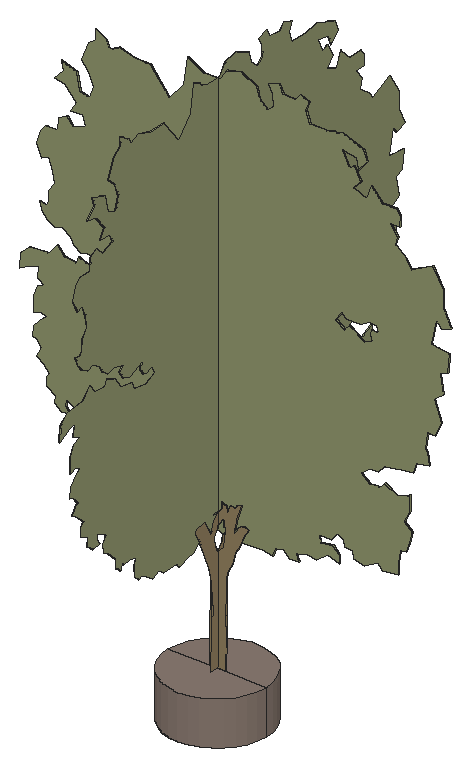
Revit family "L-PL낙엽관목_보리수나무", category 수목, Revit 2019
Family settings
  OmniClass 번호 = 23.40.05.00
  OmniClass 제목 = Plants and Planting Products
  작업 기준면 기반 = 아니오
  항상 수직 = 예
  로드될 때 보이드를 사용하여 절단 = 아니오
  렌더 모양 소스 = 패밀리 형상
  공유 = 아니오
Parameters (values of type "보리수나무")
  한국산업규격KS = ""
  콘 높이 = 뿌리분 직경 / 4  # 272.5 mm
  조달청표준공사코드-세부공종 = "10161599202809"
  뿌리분 직경 = (24 mm + ((R / 10) - 3 mm) * 5) * 10  # 1090 mm
  뿌리분 높이 = 뿌리분 직경 / 2  # 545 mm
  높이 = 2000 mm
  건설정보분류체계-부위분류 = "E985"
  R = 200 mm
  LIM_INFO_주의사항 = "재배포, 재가공, 판매 금지"
  LIM_INFO_제작일 = "20211210"
  LIM_INFO_버전 = "2022_V01"
  LIM_INFO_PL_학명 = "Quercus myrsinaefolia Bl."
  LIM_INFO_PL_품명 = "가시나무"
  LIM_INFO_PL_주당인정수량 = 0
  LIM_INFO_PL_수목단위 = "주"
  LIM_INFO_PL_규격 = "5.0H X 18R"
  LIM_INFO_PL_구분 = "상록교목"
  LIM_INFO_PL_가격 = 0
  LIM_INFO_PL_Qty [instance] = 0
  LIM_INFO_PL_M2당수량 = 0
  KBIMS_식별-버전 = ""
  KBIMS_식별-bSK등록번호 = ""
  KBIMS_보급정보-저작자 = "림인포테크_MMJ"
  KBIMS_보급정보-보급코드 = ""
  H = 높이  # 2000 mm
Reference planes
  plane 1 "중심(앞/뒤)": y = 0
  plane 2: z = 0
  plane 3 "중심(왼쪽/오른쪽)": x = 0
  plane 4: x = 482.5
  plane 5: x = -607.5
  plane 6: z = -545
  plane 7: z = -817.5
  plane 8: z = 2000
  plane 9: x = -100
  plane 10: x = 100
Forms (mm)
  Revolve 1, solid, material "흙"
    sketch origin (0, 0, 0) x (1, 0, 0) y (0, 0, 1)
      loop
        line (0, 0) -> (-607.5, 0) -> (-607.5, -545) -> (0, -545) -> (0, 0)
      axis (0, 0) -> (0, -545)
    angle from 0 to 360
  Revolve 2, solid, material "흙"
    sketch origin (0, 0, 0) x (1, 0, 0) y (0, 0, 1)
      loop
        line (0, -545) -> (-607.5, -545) -> (0, -817.5) -> (0, -545)
      axis (0, -545) -> (0, -817.5)
    angle from 0 to 360
Dimensions and locks
  "뿌리분 직경": plane 4 to plane 5
  "뿌리분 높이": plane 6 to level
  "콘 높이": plane 7 to plane 6
  "H": level to plane 8
  "R": plane 9 to plane 10
  aligned and locked: level to plane 2
Automatic sketch dimensions
  Revolve 1 sketch curve to level = 0 mm  (x2)
  Revolve 1 sketch curve to plane 5 = 0 mm
  Revolve 1 sketch curve to plane 3 "중심(왼쪽/오른쪽)" = 0 mm  (x2)
  Revolve 1 sketch curve to plane 6 = 0 mm  (x2)
  Revolve 2 sketch curve to plane 5 = 0 mm
  Revolve 2 sketch curve to plane 3 "중심(왼쪽/오른쪽)" = 0 mm  (x2)
  Revolve 2 sketch curve to plane 7 = 0 mm  (x2)
  Revolve 2 sketch curve to plane 6 = 0 mm  (x2)
Nested families
  nested 1: "보리수나무_base" at (0, 10.55, 0), type "보리수나무_base"
Definition of nested family "보리수나무_base"
  Parameters (values of type "보리수나무_base")
    Height = 6000 mm
  Reference planes
    plane 1 "중심(앞/뒤)": y = 0
    plane 2: z = 0
    plane 3 "중심(왼쪽/오른쪽)": x = 0
  Forms (mm)
    Extrusion 1, solid, detail levels fine
      sketch origin (0, 0, 0) x (1, 0, 0) y (0, 0, 1)
        loop
          line (-840.287, 1428.066) -> (-641.941, 1428.066) -> (-580.918, 1372.782) -> (-468.408, 1428.066) -> (-382.595, 1429.972) -> (-287.92, 1514.192) -> (-356.381, 1667.133) -> (-288.237, 1686.797) -> (-213.228, 1690.144) -> (-195.407, 1702.021) -> (-114.719, 1536.039) -> (-67.484, 1658.61) -> (51.047, 1777.104) -> (47.617, 1858.274) -> (116.883, 1844.425) -> (125.903, 1793.024) -> (159.62, 1852.946) -> (219.438, 1849.684) -> (243.771, 1888.817) -> (309.291, 1911.086) -> (246.484, 1725.009) -> (227.566, 1633.108) -> (214.27, 1596.14) -> (216.339, 1582.486) -> (256.423, 1645.142) -> (294.24, 1673.607) -> (343.61, 1682.21) -> (389.503, 1654.39) -> (326.539, 1553.392) -> (302.536, 1491.83) -> (554.163, 1502.862) -> (683.059, 1479.738) -> (721.32, 1577.339) -> (812.355, 1591.847) -> (886.238, 1524.582) -> (1006.299, 1529.858) -> (977.273, 1610.312) -> (1109.208, 1645.923) -> (1225.311, 1628.777) -> (1361.022, 1727.571) -> (1503.864, 1687.672) -> (1503.864, 1782.17) -> (1426.141, 1857.768) -> (1268.594, 1836.769) -> (1258.091, 1916.567) -> (1409.336, 1910.267) -> (1480.757, 2006.865) -> (1562.682, 1966.966) -> (1564.782, 1893.467) -> (1671.914, 1887.167) -> (1680.317, 1796.869) -> (1823.159, 1775.87) -> (1978.605, 1861.968) -> (2035.322, 1792.669) -> (2239.083, 1824.169) -> (2232.781, 1941.766) -> (2262.19, 2092.963) -> (2331.51, 2101.363) -> (2373.523, 2212.66) -> (2409.233, 2347.057) -> (2310.504, 2435.255) -> (2377.724, 2559.152) -> (2377.724, 2750.248) -> (2220.177, 2685.15) -> (2066.832, 2771.248) -> (2029.02, 2716.649) -> (1884.077, 2704.049) -> (1779.046, 2788.047) -> (1873.574, 2865.745) -> (1989.108, 2865.745) -> (2066.589, 2953.167) -> (2275.72, 2994.98) -> (2422.111, 3007.524) -> (2461.846, 3120.418) -> (2618.694, 3158.049) -> (2597.781, 3302.303) -> (2572.685, 3327.391) -> (2601.963, 3513.457) -> (2696.072, 3517.639) -> (2769.267, 3689.071) -> (2680.677, 3921.041) -> (2790.436, 4000.84) -> (2757.176, 4226.937) -> (2846.978, 4263.511) -> (2866.934, 4486.283) -> (2720.589, 4496.257) -> (2640.765, 4516.207) -> (2703.959, 4792.178) -> (2763.828, 4725.679) -> (2886.89, 4772.228) -> (2790.436, 4968.4) -> (2790.436, 5167.897) -> (2660.721, 5390.668) -> (2398.172, 5255.711) -> (2331.322, 5347.855) -> (2196.428, 5452.214) -> (2230.017, 5556.483) -> (2139.843, 5673.924) -> (2256.101, 5677.731) -> (2260.213, 5804.638) -> (2214.877, 5866.316) -> (2035.242, 5859.221) -> (1901.626, 6002.612) -> (1843.524, 5838.577) -> (1679, 5902.416) -> (1772.407, 6005.983) -> (1693.682, 6151.9) -> (1627.254, 6106.914) -> (1546.743, 6277.204) -> (1712.906, 6247.093) -> (1748.671, 6132.431) -> (1848.948, 6256.681) -> (1808.705, 6375.294) -> (1539.823, 6467.955) -> (1370.666, 6428.262) -> (1141.416, 6427.128) -> (1093.781, 6564.037) -> (1137.447, 6661.263) -> (1028.281, 6702.931) -> (968.736, 6627.531) -> (809.95, 6639.436) -> (762.314, 6732.694) -> (635.285, 6689.041) -> (684.906, 6595.784) -> (690.86, 6456.891) -> (617.421, 6395.38) -> (514.21, 6480.701) -> (485.012, 6603.237) -> (289, 6698.7) -> (118.117, 6658.505) -> (32.675, 6532.896) -> (-168.363, 6527.872) -> (-364.376, 6638.408) -> (-414.635, 6316.849) -> (-595.57, 6100.802) -> (-826.764, 6392.214) -> (-1025.11, 6392.214) -> (-1215.417, 6443.669) -> (-1339.215, 6387.87) -> (-1376.76, 6466.886) -> (-1511.129, 6541.95) -> (-1501.249, 6425.402) -> (-1593.044, 6357.044) -> (-1684.934, 6142.69) -> (-1587.943, 6042.603) -> (-1531.626, 5898.728) -> (-1578.557, 5757.98) -> (-1700.577, 5795.513) -> (-1738.122, 5989.432) -> (-1932.103, 6048.858) -> (-1900.815, 5945.643) -> (-2010.321, 5829.918) -> (-1885.172, 5808.024) -> (-1747.508, 5639.127) -> (-1810.082, 5535.912) -> (-1668.691, 5533.806) -> (-1624.986, 5427.7) -> (-1781.075, 5365.285) -> (-1862.241, 5458.908) -> (-1965.259, 5399.613) -> (-1977.746, 5259.178) -> (-2124.47, 5252.937) -> (-2186.905, 5184.28) -> (-2233.732, 5031.362) -> (-2168.175, 4890.927) -> (-2093.252, 4925.255) -> (-2040.182, 4791.062) -> (-2018.715, 4655.585) -> (-2090.356, 4546.6) -> (-2093.471, 4431.388) -> (-2118.389, 4384.681) -> (-2196.26, 4397.136) -> (-2161.997, 4294.379) -> (-2102.815, 4219.647) -> (-2012.485, 4179.167) -> (-1931.686, 4208.684) -> (-1816.82, 4134.201) -> (-1779.567, 4056.614) -> (-1692.642, 4003.855) -> (-1602.612, 4025.58) -> (-1456.702, 3997.648) -> (-1515.687, 3938.682) -> (-1453.598, 3854.888) -> (-1351.15, 3820.75) -> (-1180.405, 3907.648) -> (-1192.823, 3820.75) -> (-1149.36, 3764.888) -> (-1090.375, 3743.163) -> (-1015.868, 3795.922) -> (-966.196, 3693.508) -> (-1102.793, 3634.542) -> (-1292.165, 3659.37) -> (-1329.419, 3740.06) -> (-1497.06, 3767.991) -> (-1587.09, 3898.337) -> (-1714.373, 3947.993) -> (-1745.418, 3876.613) -> (-1894.432, 3892.13) -> (-1977.567, 3991.108) -> (-2076.348, 3867.188) -> (-2316.519, 3845.889) -> (-2430.795, 3747.14) -> (-2444.353, 3570.941) -> (-2306.835, 3646.455) -> (-2206.401, 3667.424) -> (-2227.635, 3534.267) -> (-2131.114, 3482.163) -> (-2217.983, 3447.426) -> (-2275.896, 3325.849) -> (-2272.035, 3150.237) -> (-2185.166, 3175.324) -> (-2117.601, 3148.307) -> (-2189.073, 3084.876) -> (-2270.972, 2987.352) -> (-2279.402, 2876.584) -> (-2234.84, 2864.544) -> (-2168.599, 2782.672) -> (-2240.862, 2668.292) -> (-2154.146, 2609.296) -> (-2072.248, 2525.016) -> (-2113.197, 2479.264) -> (-2115.606, 2378.128) -> (-2000.313, 2315.609) -> (-2011.08, 2225.909) -> (-1923.745, 2158.934) -> (-1825.642, 2176.874) -> (-1872.3, 2245.045) -> (-1865.122, 2309.629) -> (-1763.43, 2264.181) -> (-1726.342, 2216.341) -> (-1775.394, 2144.582) -> (-1753.859, 2040.53) -> (-1688.882, 2001.876) -> (-1574.465, 1891.308) -> (-1572.558, 1794.084) -> (-1494.373, 1734.987) -> (-1479.117, 1809.335) -> (-1448.606, 1775.02) -> (-1360.886, 1794.084) -> (-1259.817, 1771.208) -> (-1284.607, 1689.235) -> (-1278.887, 1574.854) -> (-1219.771, 1510.038) -> (-1170.19, 1534.821) -> (-1093.912, 1485.256) -> (-998.564, 1431.878) -> (-910.844, 1473.818) -> (-840.287, 1428.066)
        loop
          line (1629.05, 4366.346) -> (1815.84, 4252.027) -> (1917.735, 4282.587) -> (1896.57, 4353.156) -> (1907.819, 4411.46) -> (1988.567, 4395.882) -> (1960.268, 4477.6) -> (1877.084, 4497.44) -> (1767.718, 4428.389) -> (1595.036, 4428.389) -> (1535.44, 4471.339) -> (1464.953, 4373.533) -> (1576.364, 4293.241) -> (1629.05, 4366.346)
        loop
          line (13.417, 1588.573) -> (-5.55, 1544.556) -> (84.344, 1509.012) -> (69.142, 1662.25) -> (13.417, 1588.573)
      from 0 to 5
    Extrusion 2, solid, detail levels fine
      sketch origin (0, 0, 0) x (1, 0, 0) y (0, 0, 1)
        loop
          line (-119.022, 1127.374) -> (-85.087, 969.218) -> (-82.397, 780.348) -> (-93.114, 445.738) -> (-100, 0) -> (100, 0) -> (107.942, 371.954) -> (105.173, 621.977) -> (107.635, 868.144) -> (110.744, 1035.757) -> (135.328, 1124.505) -> (185.179, 1207.792) -> (218.402, 1348.841) -> (247.833, 1390.201) -> (279.823, 1447.338) -> (322.049, 1555.642) -> (382.582, 1652.739) -> (342.621, 1676.962) -> (296.284, 1668.888) -> (260.15, 1641.689) -> (213.388, 1568.594) -> (209.137, 1596.642) -> (222.74, 1634.465) -> (241.649, 1726.317) -> (301.316, 1903.095) -> (247.073, 1884.658) -> (222.121, 1844.531) -> (162.453, 1847.784) -> (123.398, 1778.375) -> (112.549, 1840.192) -> (52.881, 1852.122) -> (56.136, 1775.121) -> (-63.2, 1655.823) -> (-114.189, 1523.512) -> (-197.4, 1694.684) -> (-211.614, 1685.211) -> (-287.421, 1681.828) -> (-349.467, 1663.924) -> (-283.357, 1516.235) -> (-209.832, 1358.873) -> (-119.022, 1127.374)
        loop
          line (-53.356, 1462.191) -> (-49.926, 1370.305) -> (-17.001, 1298.99) -> (11.122, 1285.961) -> (33.758, 1320.247) -> (75.6, 1361.391) -> (81.774, 1458.077) -> (89.319, 1509.506) -> (72.857, 1675.45) -> (9.064, 1591.107) -> (-10.142, 1546.535) -> (-53.356, 1462.191)
      from 0 to 5
    Extrusion 3, solid, detail levels fine
      sketch origin (-5, -5, 0) x (0, 1, 0) y (0, 0, 1)
        loop
          line (-840.287, 1428.066) -> (-641.941, 1428.066) -> (-580.918, 1372.782) -> (-468.408, 1428.066) -> (-382.595, 1429.972) -> (-287.92, 1514.192) -> (-356.381, 1667.133) -> (-288.237, 1686.797) -> (-213.228, 1690.144) -> (-195.407, 1702.021) -> (-114.719, 1536.039) -> (-67.484, 1658.61) -> (51.047, 1777.104) -> (47.617, 1858.274) -> (116.883, 1844.425) -> (125.903, 1793.024) -> (159.62, 1852.946) -> (219.438, 1849.684) -> (243.771, 1888.817) -> (309.291, 1911.086) -> (246.484, 1725.009) -> (227.566, 1633.108) -> (214.27, 1596.14) -> (216.339, 1582.486) -> (256.423, 1645.142) -> (294.24, 1673.607) -> (343.61, 1682.21) -> (389.503, 1654.39) -> (326.539, 1553.392) -> (302.536, 1491.83) -> (554.163, 1502.862) -> (683.059, 1479.738) -> (721.32, 1577.339) -> (812.355, 1591.847) -> (886.238, 1524.582) -> (1006.299, 1529.858) -> (977.273, 1610.312) -> (1109.208, 1645.923) -> (1225.311, 1628.777) -> (1361.022, 1727.571) -> (1503.864, 1687.672) -> (1503.864, 1782.17) -> (1426.141, 1857.768) -> (1268.594, 1836.769) -> (1258.091, 1916.567) -> (1409.336, 1910.267) -> (1480.757, 2006.865) -> (1562.682, 1966.966) -> (1564.782, 1893.467) -> (1671.914, 1887.167) -> (1680.317, 1796.869) -> (1823.159, 1775.87) -> (1978.605, 1861.968) -> (2035.322, 1792.669) -> (2239.083, 1824.169) -> (2232.781, 1941.766) -> (2262.19, 2092.963) -> (2331.51, 2101.363) -> (2373.523, 2212.66) -> (2409.233, 2347.057) -> (2310.504, 2435.255) -> (2377.724, 2559.152) -> (2377.724, 2750.248) -> (2220.177, 2685.15) -> (2066.832, 2771.248) -> (2029.02, 2716.649) -> (1884.077, 2704.049) -> (1779.046, 2788.047) -> (1873.574, 2865.745) -> (1989.108, 2865.745) -> (2066.589, 2953.167) -> (2275.72, 2994.98) -> (2422.111, 3007.524) -> (2461.846, 3120.418) -> (2618.694, 3158.049) -> (2597.781, 3302.303) -> (2572.685, 3327.391) -> (2601.963, 3513.457) -> (2696.072, 3517.639) -> (2769.267, 3689.071) -> (2680.677, 3921.041) -> (2790.436, 4000.84) -> (2757.176, 4226.937) -> (2846.978, 4263.511) -> (2866.934, 4486.283) -> (2720.589, 4496.257) -> (2640.765, 4516.207) -> (2703.959, 4792.178) -> (2763.828, 4725.679) -> (2886.89, 4772.228) -> (2790.436, 4968.4) -> (2790.436, 5167.897) -> (2660.721, 5390.668) -> (2398.172, 5255.711) -> (2331.322, 5347.855) -> (2196.428, 5452.214) -> (2230.017, 5556.483) -> (2139.843, 5673.924) -> (2256.101, 5677.731) -> (2260.213, 5804.638) -> (2214.877, 5866.316) -> (2035.242, 5859.221) -> (1901.626, 6002.612) -> (1843.524, 5838.577) -> (1679, 5902.416) -> (1772.407, 6005.983) -> (1693.682, 6151.9) -> (1627.254, 6106.914) -> (1546.743, 6277.204) -> (1712.906, 6247.093) -> (1748.671, 6132.431) -> (1848.948, 6256.681) -> (1808.705, 6375.294) -> (1539.823, 6467.955) -> (1370.666, 6428.262) -> (1141.416, 6427.128) -> (1093.781, 6564.037) -> (1137.447, 6661.263) -> (1028.281, 6702.931) -> (968.736, 6627.531) -> (809.95, 6639.436) -> (762.314, 6732.694) -> (635.285, 6689.041) -> (684.906, 6595.784) -> (690.86, 6456.891) -> (617.421, 6395.38) -> (514.21, 6480.701) -> (485.012, 6603.237) -> (289, 6698.7) -> (118.117, 6658.505) -> (32.675, 6532.896) -> (-168.363, 6527.872) -> (-364.376, 6638.408) -> (-414.635, 6316.849) -> (-595.57, 6100.802) -> (-826.764, 6392.214) -> (-1025.11, 6392.214) -> (-1215.417, 6443.669) -> (-1339.215, 6387.87) -> (-1376.76, 6466.886) -> (-1511.129, 6541.95) -> (-1501.249, 6425.402) -> (-1593.044, 6357.044) -> (-1684.934, 6142.69) -> (-1587.943, 6042.603) -> (-1531.626, 5898.728) -> (-1578.557, 5757.98) -> (-1700.577, 5795.513) -> (-1738.122, 5989.432) -> (-1932.103, 6048.858) -> (-1900.815, 5945.643) -> (-2010.321, 5829.918) -> (-1885.172, 5808.024) -> (-1747.508, 5639.127) -> (-1810.082, 5535.912) -> (-1668.691, 5533.806) -> (-1624.986, 5427.7) -> (-1781.075, 5365.285) -> (-1862.241, 5458.908) -> (-1965.259, 5399.613) -> (-1977.746, 5259.178) -> (-2124.47, 5252.937) -> (-2186.905, 5184.28) -> (-2233.732, 5031.362) -> (-2168.175, 4890.927) -> (-2093.252, 4925.255) -> (-2040.182, 4791.062) -> (-2018.715, 4655.585) -> (-2090.356, 4546.6) -> (-2093.471, 4431.388) -> (-2118.389, 4384.681) -> (-2196.26, 4397.136) -> (-2161.997, 4294.379) -> (-2102.815, 4219.647) -> (-2012.485, 4179.167) -> (-1931.686, 4208.684) -> (-1816.82, 4134.201) -> (-1779.567, 4056.614) -> (-1692.642, 4003.855) -> (-1602.612, 4025.58) -> (-1456.702, 3997.648) -> (-1515.687, 3938.682) -> (-1453.598, 3854.888) -> (-1351.15, 3820.75) -> (-1180.405, 3907.648) -> (-1192.823, 3820.75) -> (-1149.36, 3764.888) -> (-1090.375, 3743.163) -> (-1015.868, 3795.922) -> (-966.196, 3693.508) -> (-1102.793, 3634.542) -> (-1292.165, 3659.37) -> (-1329.419, 3740.06) -> (-1497.06, 3767.991) -> (-1587.09, 3898.337) -> (-1714.373, 3947.993) -> (-1745.418, 3876.613) -> (-1894.432, 3892.13) -> (-1977.567, 3991.108) -> (-2076.348, 3867.188) -> (-2316.519, 3845.889) -> (-2430.795, 3747.14) -> (-2444.353, 3570.941) -> (-2306.835, 3646.455) -> (-2206.401, 3667.424) -> (-2227.635, 3534.267) -> (-2131.114, 3482.163) -> (-2217.983, 3447.426) -> (-2275.896, 3325.849) -> (-2272.035, 3150.237) -> (-2185.166, 3175.324) -> (-2117.601, 3148.307) -> (-2189.073, 3084.876) -> (-2270.972, 2987.352) -> (-2279.402, 2876.584) -> (-2234.84, 2864.544) -> (-2168.599, 2782.672) -> (-2240.862, 2668.292) -> (-2154.146, 2609.296) -> (-2072.248, 2525.016) -> (-2113.197, 2479.264) -> (-2115.606, 2378.128) -> (-2000.313, 2315.609) -> (-2011.08, 2225.909) -> (-1923.745, 2158.934) -> (-1825.642, 2176.874) -> (-1872.3, 2245.045) -> (-1865.122, 2309.629) -> (-1763.43, 2264.181) -> (-1726.342, 2216.341) -> (-1775.394, 2144.582) -> (-1753.859, 2040.53) -> (-1688.882, 2001.876) -> (-1574.465, 1891.308) -> (-1572.558, 1794.084) -> (-1494.373, 1734.987) -> (-1479.117, 1809.335) -> (-1448.606, 1775.02) -> (-1360.886, 1794.084) -> (-1259.817, 1771.208) -> (-1284.607, 1689.235) -> (-1278.887, 1574.854) -> (-1219.771, 1510.038) -> (-1170.19, 1534.821) -> (-1093.912, 1485.256) -> (-998.564, 1431.878) -> (-910.844, 1473.818) -> (-840.287, 1428.066)
        loop
          line (1629.05, 4366.346) -> (1815.84, 4252.027) -> (1917.735, 4282.587) -> (1896.57, 4353.156) -> (1907.819, 4411.46) -> (1988.567, 4395.882) -> (1960.268, 4477.6) -> (1877.084, 4497.44) -> (1767.718, 4428.389) -> (1595.036, 4428.389) -> (1535.44, 4471.339) -> (1464.953, 4373.533) -> (1576.364, 4293.241) -> (1629.05, 4366.346)
        loop
          line (13.417, 1588.573) -> (-5.55, 1544.556) -> (84.344, 1509.012) -> (69.142, 1662.25) -> (13.417, 1588.573)
      from 0 to 5
    Extrusion 4, solid, detail levels fine
      sketch origin (-5, -5, 0) x (0, 1, 0) y (0, 0, 1)
        loop
          line (-119.022, 1127.374) -> (-85.087, 969.218) -> (-82.397, 780.348) -> (-93.114, 445.738) -> (-100, 0) -> (100, 0) -> (107.942, 371.954) -> (105.173, 621.977) -> (107.635, 868.144) -> (110.744, 1035.757) -> (135.328, 1124.505) -> (185.179, 1207.792) -> (218.402, 1348.841) -> (247.833, 1390.201) -> (279.823, 1447.338) -> (322.049, 1555.642) -> (382.582, 1652.739) -> (342.621, 1676.962) -> (296.284, 1668.888) -> (260.15, 1641.689) -> (213.388, 1568.594) -> (209.137, 1596.642) -> (222.74, 1634.465) -> (241.649, 1726.317) -> (301.316, 1903.095) -> (247.073, 1884.658) -> (222.121, 1844.531) -> (162.453, 1847.784) -> (123.398, 1778.375) -> (112.549, 1840.192) -> (52.881, 1852.122) -> (56.136, 1775.121) -> (-63.2, 1655.823) -> (-114.189, 1523.512) -> (-197.4, 1694.684) -> (-211.614, 1685.211) -> (-287.421, 1681.828) -> (-349.467, 1663.924) -> (-283.357, 1516.235) -> (-209.832, 1358.873) -> (-119.022, 1127.374)
        loop
          line (-53.356, 1462.191) -> (-49.926, 1370.305) -> (-17.001, 1298.99) -> (11.122, 1285.961) -> (33.758, 1320.247) -> (75.6, 1361.391) -> (81.774, 1458.077) -> (89.319, 1509.506) -> (72.857, 1675.45) -> (9.064, 1591.107) -> (-10.142, 1546.535) -> (-53.356, 1462.191)
      from 0 to 5
    Revolve 5, solid, detail levels coarse
      sketch origin (0, 0, 0) x (1, 0, 0) y (0, 0, 1)
        loop
          line (0, 0) -> (0, 6495.032)
          arc (0, 6495.032) -> (-2418.471, 3971.208) -> (-100, 1355.223) r 2578.959
          line (-100, 1355.223) -> (-100, 0) -> (0, 0)
        axis (0, 6495.032) -> (0, 0)
      angle from 0 to 360
  Lines and regions (mm)
    symbolic lines
      curve 1: line (-520.782, -187.217, 0) -> (176.667, 510.232, 0)
      curve 2: line (-548.954, -43.331, 0) -> (32.781, 538.404, 0)
      curve 3: line (-525.215, 152.465, 0) -> (-163.016, 514.665, 0)
      curve 4: line (-465.254, -303.746, 0) -> (293.196, 454.703, 0)
      curve 5: line (-388.86, -399.41, 0) -> (388.86, 378.31, 0)
      curve 6: line (-293.196, -475.804, 0) -> (465.254, 282.646, 0)
      curve 7: line (-176.667, -531.332, 0) -> (520.782, 166.116, 0)
      curve 8: line (-65.253, -5, 0) -> (65.253, -5, 0)
      curve 9: line (0, -70.253, 0) -> (0, 60.253, 0)
      curve 10: line (-32.781, -559.504, 0) -> (548.954, 22.231, 0)
      curve 11: line (163.016, -535.765, 0) -> (525.215, -173.566, 0)
      curve 12: arc (1476.888, 731.057, 0) -> (1717.822, 817.028, 0) -> (1845.887, 1038.476, 0) r 371.116
      curve 13: arc (1845.887, 1038.476, 0) -> (1813.629, 1159.214, 0) -> (1700.702, 1212.745, 0) r 148.75
      curve 14: arc (1700.702, 1212.745, 0) -> (1459.768, 1126.774, 0) -> (1331.702, 905.326, 0) r 371.116
      curve 15: arc (1331.702, 905.326, 0) -> (1363.961, 784.589, 0) -> (1476.888, 731.057, 0) r 148.75
      curve 16: circle (0, -10.55, 0) r 549.932 normal (0, 0, 1)
      curve 17: arc (1444.704, 1689.834, 0) -> (1510.96, 1472.329, 0) -> (1398.469, 1274.734, 0) r 287.449
      curve 18: arc (1398.469, 1274.734, 0) -> (1177.704, 1170.228, 0) -> (933.586, 1162.147, 0) r 601.32
      curve 19: arc (933.586, 1162.147, 0) -> (211.268, 184.556, 0) -> (1426.75, 190.183, 0) r 679.913
      curve 20: arc (1426.75, 190.183, 0) -> (1587.854, 453.12, 0) -> (1793.166, 683.202, 0) r 1726.387
      curve 21: arc (1793.166, 683.202, 0) -> (1991.855, 736.237, 0) -> (2146.044, 600.164, 0) r 217.684
      curve 22: arc (2146.044, 600.164, 0) -> (-1876.223, -1218.136, 0) -> (1444.704, 1689.834, 0) r 2231.25
  Dimensions and locks
    aligned and locked: level to plane 2
